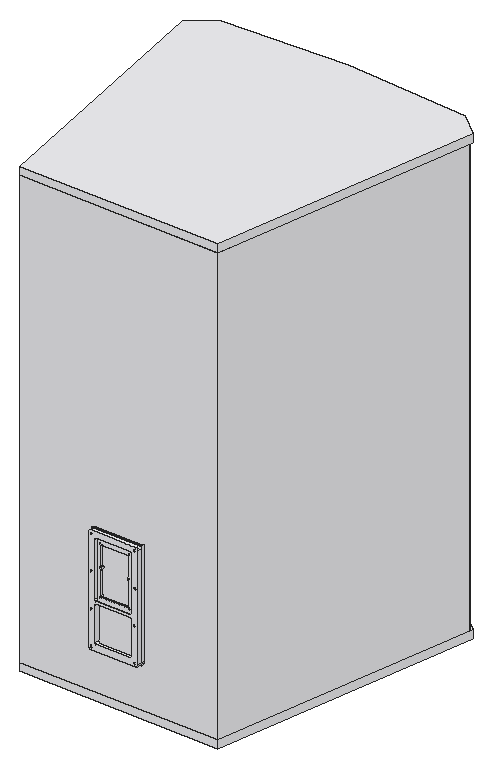
Revit family "EVC-1122-64", category Communication Devices, Revit 2017
Family settings
  Maintain Annotation Orientation = Yes
  Round Connector Dimension = Use Diameter
  Part Type = Normal
  OmniClass Number = 23.85.10.11.11.21
  OmniClass Title = Speakers
  Work Plane-Based = Yes
  Always vertical = Yes
  Cut with Voids When Loaded = No
  Shared = No
  Room Calculation Point = No
Parameters (values of type "EVC112264PIW_12"_Speaker_60x45_White")
  Uniclass2015Code = "Pr_60_75_08_02"
  URL = ""
  ProductInformation = "https://www.electrovoice.com/binary/EVC-1122-64_12__speaker_60x45_Datasheet_51_en_27960294155.pdf"
  PlanningTools = "https://www.electrovoice.com/product.php?id=2670"
  ModelNumber = "F.01U.329.284"
  Model = ""
  MaterialRALColour = "RAL9010"
  ManufacturerURL = "https://www.electrovoice.com"
  Manufacturer = "Electro Voice"
  LoudspeakerMaterial = 13-plyWeather-resistantBirchEVCoat -RAL9010
  Default Elevation = 0.00 mm
  Width = 395.10 mm  # constant formula
  InstallationManual = "https://www.electrovoice.com/binary/EVC-1122-64_12__speaker_60x45_Datasheet_51_en_27960294155.pdf"
  IfcExportType = "IfcBuildingElementProxyType"
  IfcExportAs = "IfcBuildingElementProxy"
  Length = 616.30 mm  # constant formula
  GrillMaterial = 16GA Powder-coatedGalvanneal - W
  Disclaimer = "http://resource.boschsecurity.com/information/BIM/Disclaimer_Electrovoice.pdf"
  Description = "12-inch, two-way loudspeaker, with 60˚ x 45˚ constant directivity, rotatable waveguide. Power rating: 300 W Continuous, (1200 Peak). Passive system: 95 dB, 126 dB maximum. Gland nut cover and stainless steel grille on PI versions. Optional high quality transformer and patented. Automatic Saturation Control (ASC) preserve low end in 70V/100V lines."
  Depth = 400.60 mm  # constant formula
  CTN = "EVC112264PIW"
  ArchitectsAndEngineersSpecs = "https://www.electrovoice.com/binary/EVC-1122-64_12__speaker_60x45_Datasheet_51_en_27960294155.pdf"
Reference planes
  plane 1 "Center (Front/Back)": y = 0
  plane 2: z = 0
  plane 3 "Center (Left/Right)": x = 0
Forms (mm)
  Extrusion 1, solid, material "13-plyWeather-resistantBirchEVCoat -RAL9010" <- "LoudspeakerMaterial"
    sketch origin (0.172, 9, 0) x (1, 0, 0) y (0, 1, 0)
      loop
        line (-197.722, 356.6) -> (-134.844, 0) -> (134.5, 0) -> (197.378, 356.6) -> (166.736, 382.312)
        arc (166.736, 382.312) -> (-0.172, 391.6) -> (-167.08, 382.312) r 1504.26
        line (-167.08, 382.312) -> (-197.722, 356.6)
    from 0 to 10
  Extrusion 2, solid, material "13-plyWeather-resistantBirchEVCoat -RAL9010" <- "LoudspeakerMaterial"
    sketch origin (0.172, 9, 0) x (1, 0, 0) y (0, 1, 0)
      loop
        line (-134.844, 0) -> (134.5, 0) -> (196.496, 351.6) -> (191.419, 351.6) -> (130.304, 5) -> (-130.648, 5) -> (-191.763, 351.6) -> (-196.84, 351.6) -> (-134.844, 0)
    from 10 to 606.3
  Extrusion 3, solid, material "16GA Powder-coatedGalvanneal - W" <- "GrillMaterial"
    sketch origin (0.172, 9, 0) x (1, 0, 0) y (0, 1, 0)
      loop
        line (-194.302, 351.6) -> (-191.763, 351.6) -> (-192.297, 354.625) -> (-165.025, 377.509)
        arc (-165.025, 377.509) -> (-0.172, 386.6) -> (164.681, 377.509) r 1499.26
        line (164.681, 377.509) -> (191.953, 354.625) -> (191.419, 351.6) -> (193.958, 351.6) -> (194.665, 355.613) -> (165.708, 379.911)
        arc (165.708, 379.911) -> (-0.172, 389.1) -> (-166.052, 379.911) r 1501.76
        line (-166.052, 379.911) -> (-195.009, 355.613) -> (-194.302, 351.6)
    from 5 to 611.3
  Extrusion 4, solid, material "13-plyWeather-resistantBirchEVCoat -RAL9010" <- "LoudspeakerMaterial"
    sketch origin (0.172, 9, 606.3) x (0, -1, 0) y (1, 0, 0)
      loop
        line (-356.6, -197.722) -> (0, -134.844) -> (0, 134.5) -> (-356.6, 197.378) -> (-382.312, 166.736)
        arc (-382.312, 166.736) -> (-391.6, -0.172) -> (-382.312, -167.08) r 1504.26
        line (-382.312, -167.08) -> (-356.6, -197.722)
    from 0 to 10
Dimensions and locks
  "Length": Extrusion 1 to Extrusion 4
  "Depth": plane 1 "Center (Front/Back)" to Extrusion 4
  equal spacing: Extrusion 4, plane 3 "Center (Left/Right)", Extrusion 4
  "Width": Extrusion 4 to Extrusion 4
  aligned and locked: plane 2 to level
Automatic sketch dimensions
  Extrusion 1 sketch curve to plane 3 "Center (Left/Right)" = 0.00 mm
  Extrusion 1 sketch curve to plane 1 "Center (Front/Back)" = 9.00 mm
  Extrusion 1 sketch curve to plane 3 "Center (Left/Right)" = 134.672 mm
  Extrusion 1 sketch curve to plane 3 "Center (Left/Right)" = 166.908 mm
  Extrusion 1 sketch curve to Extrusion 1 sketch curve = 30.642 mm  (x2)
  plane 3 "Center (Left/Right)" to Extrusion 1 sketch curve = 134.672 mm
  plane 3 "Center (Left/Right)" to Extrusion 1 sketch curve = 166.908 mm
  plane 1 "Center (Front/Back)" to Extrusion 1 sketch curve = 1103.66 mm
  Extrusion 1 sketch curve to Extrusion 1 sketch curve = 356.60 mm  (x2)
  Extrusion 1 sketch curve to Extrusion 1 sketch curve = 25.712 mm
  Extrusion 2 sketch curve to plane 3 "Center (Left/Right)" = 196.668 mm
  Extrusion 2 sketch curve to Extrusion 2 sketch curve = 5.077 mm  (x2)
  Extrusion 2 sketch curve to plane 1 "Center (Front/Back)" = 9.00 mm
  Extrusion 2 sketch curve to plane 3 "Center (Left/Right)" = 134.672 mm
  Extrusion 2 sketch curve to plane 1 "Center (Front/Back)" = 14.00 mm
  Extrusion 2 sketch curve to Extrusion 2 sketch curve = 4.195 mm  (x2)
  plane 3 "Center (Left/Right)" to Extrusion 2 sketch curve = 130.476 mm
  plane 3 "Center (Left/Right)" to Extrusion 2 sketch curve = 191.591 mm
  Extrusion 2 sketch curve to Extrusion 2 sketch curve = 346.60 mm  (x2)
  Extrusion 3 sketch curve to Extrusion 3 sketch curve = 0.00 mm  (x2)
  Extrusion 3 sketch curve to plane 3 "Center (Left/Right)" = 0.00 mm
  Extrusion 3 sketch curve to plane 3 "Center (Left/Right)" = 164.853 mm
  Extrusion 3 sketch curve to Extrusion 3 sketch curve = 1.027 mm  (x2)
  Extrusion 3 sketch curve to Extrusion 3 sketch curve = 26.738 mm  (x2)
  Extrusion 3 sketch curve to Extrusion 3 sketch curve = 0.533 mm  (x2)
  Extrusion 3 sketch curve to Extrusion 3 sketch curve = 2.539 mm  (x2)
  Extrusion 3 sketch curve to Extrusion 3 sketch curve = 2.713 mm  (x2)
  plane 3 "Center (Left/Right)" to Extrusion 3 sketch curve = 164.853 mm
  plane 1 "Center (Front/Back)" to Extrusion 3 sketch curve = 1103.66 mm
  Extrusion 3 sketch curve to plane 1 "Center (Front/Back)" = 360.60 mm  (x2)
  Extrusion 3 sketch curve to Extrusion 3 sketch curve = 3.025 mm  (x2)
  Extrusion 3 sketch curve to Extrusion 3 sketch curve = 0.987 mm  (x2)
  Extrusion 3 sketch curve to Extrusion 3 sketch curve = 22.884 mm
  Extrusion 3 sketch curve to Extrusion 3 sketch curve = 2.401 mm
  Extrusion 4 sketch curve to plane 3 "Center (Left/Right)" = 0.00 mm
  Extrusion 4 sketch curve to plane 1 "Center (Front/Back)" = 391.312 mm
  Extrusion 4 sketch curve to plane 3 "Center (Left/Right)" = 166.908 mm
  Extrusion 4 sketch curve to Extrusion 4 sketch curve = 0.00 mm
  Extrusion 4 sketch curve to Extrusion 4 sketch curve = 25.712 mm  (x2)
  Extrusion 4 sketch curve to plane 1 "Center (Front/Back)" = 9.00 mm
  plane 1 "Center (Front/Back)" to Extrusion 4 sketch curve = 1103.66 mm
  Extrusion 4 sketch curve to Extrusion 4 sketch curve = 30.642 mm  (x2)
  Extrusion 4 sketch curve to plane 3 "Center (Left/Right)" = 134.672 mm
  plane 3 "Center (Left/Right)" to Extrusion 4 sketch curve = 134.672 mm
Nested families
  nested 1: "2D_CabinetLoudspeaker" at (0, 0, 0) x (-1, 0, 0) z (0, 0, 1), type "LoudSpeaker"
    with Pan2D 0.00°
  nested 2: "InputPanel_small" at (-33.614, 10, 140) x (0, 0, -1) z (1, 0, 0), LoudspeakerMaterial <- "LoudspeakerMaterial", type "InputPanel_small"
    with LoudspeakerMaterial 13-plyWeather-resistantBirchEVCoat -RAL9010
  nested 3: "L-EV" at (0.172, 397.85, 95) x (-1, 0, 0) z (0, 0, 1), type "L-EV"
Connectors
  electrical at (-0.023, 5, 167.216)
    settings: on nested 2, index 1, voltage 0 V, apparent load 0 VA, apparent load phase1 0 VA, apparent load phase2 0 VA, apparent load phase3 0 VA, power factor 1, load classification "Other", number of poles 1, system type 31, power factor state 1, is connector primary yes, connector utility no, sub classification motor no, connector description ""
Definition of nested family "InputPanel_small"
  Parameters (values of type "InputPanel_small")
    Material = ""
    LoudspeakerMaterial [instance] = none
    Default Elevation = 1219.20 mm
  Reference planes
    plane 1 "Center (Front/Back)": y = 0
    plane 2: z = 0
    plane 3 "Center (Left/Right)": x = 0
  Forms (mm)
    Extrusion 1, solid, material <- "LoudspeakerMaterial", not visible
      sketch origin (-97.521, -0.5, 198.121) x (-1, 0, 0) y (0, 0, -1)
        loop
          arc (-169.642, 198.043) -> (-170.257, 197.789) -> (-170.511, 197.174) r 0.869
          line (-170.511, 197.174) -> (-170.511, 131.84)
          arc (-170.511, 131.84) -> (-170.257, 131.226) -> (-169.642, 130.971) r 0.869
          line (-169.642, 130.971) -> (-25.396, 130.971)
          arc (-25.396, 130.971) -> (-24.782, 131.226) -> (-24.527, 131.84) r 0.869
          line (-24.527, 131.84) -> (-24.527, 197.174)
          arc (-24.527, 197.174) -> (-24.782, 197.789) -> (-25.396, 198.043) r 0.869
          line (-25.396, 198.043) -> (-169.642, 198.043)
      from 0 to -0.5
    Extrusion 2, solid, material <- "LoudspeakerMaterial", detail levels medium+fine
      sketch origin (1.214, 0, 125.108) x (-1, 0, 0) y (0, 0, -1)
        loop
          line (70.917, 125.031) -> (-68.488, 125.031)
          arc (-68.488, 125.031) -> (-70.813, 124.068) -> (-71.776, 121.743) r 3.288
          line (-71.776, 121.743) -> (-71.776, 61.229)
          arc (-71.776, 61.229) -> (-70.921, 59.026) -> (-68.815, 57.959) r 3.288
          line (-68.815, 57.959) -> (70.925, 57.959)
          arc (70.925, 57.959) -> (73.25, 58.922) -> (74.212, 61.247) r 3.288
          line (74.212, 61.247) -> (74.205, 121.743)
          arc (74.205, 121.743) -> (73.242, 124.068) -> (70.917, 125.031) r 3.288
        loop
          line (-16.102, 116.673) -> (-61.46, 116.673)
          arc (-61.46, 116.673) -> (-63.304, 115.909) -> (-64.067, 114.066) r 2.607
          line (-64.067, 114.066) -> (-64.067, 69.267)
          arc (-64.067, 69.267) -> (-63.304, 67.424) -> (-61.46, 66.66) r 2.607
          line (-61.46, 66.66) -> (-16.102, 66.658)
          arc (-16.102, 66.658) -> (-14.259, 67.424) -> (-13.495, 69.267) r 2.607
          line (-13.495, 69.267) -> (-13.495, 114.066)
          arc (-13.495, 114.066) -> (-14.259, 115.909) -> (-16.102, 116.673) r 2.607
        loop
          line (64.151, 116.673) -> (-8.801, 116.673)
          arc (-8.801, 116.673) -> (-10.645, 115.909) -> (-11.408, 114.066) r 2.607
          line (-11.408, 114.066) -> (-11.408, 69.267)
          arc (-11.408, 69.267) -> (-10.645, 67.424) -> (-8.801, 66.66) r 2.607
          line (-8.801, 66.66) -> (64.151, 66.658)
          arc (64.151, 66.658) -> (65.994, 67.424) -> (66.758, 69.267) r 2.607
          line (66.758, 69.267) -> (66.758, 114.066)
          arc (66.758, 114.066) -> (65.994, 115.909) -> (64.151, 116.673) r 2.607
        loop
          circle (-67.83, 121.068) r 1.368
        loop
          circle (-21.853, 121.068) r 1.368
        loop
          circle (24.255, 121.068) r 1.368
        loop
          circle (69.993, 121.068) r 1.368
        loop
          circle (-67.961, 61.771) r 1.368
        loop
          circle (-21.984, 61.771) r 1.368
        loop
          circle (24.124, 61.771) r 1.368
        loop
          circle (69.862, 61.771) r 1.368
      from 0 to 10
    Extrusion 3, solid, material <- "LoudspeakerMaterial", detail levels fine
      sketch origin (25.655, 0, 118.331) x (-1, 0, 0) y (0, 0, -1)
        loop
          arc (15.45, 109.952) -> (13.605, 109.187) -> (12.84, 107.342) r 2.61
          line (12.84, 107.342) -> (12.84, 62.493)
          arc (12.84, 62.493) -> (13.606, 60.646) -> (15.45, 59.881) r 2.61
          line (15.45, 59.881) -> (88.485, 59.883)
          arc (88.485, 59.883) -> (90.33, 60.647) -> (91.094, 62.493) r 2.61
          line (91.094, 62.493) -> (91.094, 107.342)
          arc (91.094, 107.342) -> (90.33, 109.187) -> (88.485, 109.952) r 2.61
          line (88.485, 109.952) -> (15.45, 109.952)
        loop
          line (53.049, 104.094) -> (20.673, 104.09)
          arc (20.673, 104.09) -> (20.25, 103.216) -> (19.475, 102.633) r 2.061
          line (19.475, 102.633) -> (19.479, 66.839)
          arc (19.479, 66.839) -> (20.255, 66.255) -> (20.677, 65.382) r 2.061
          line (20.677, 65.382) -> (53.053, 65.386)
          arc (53.053, 65.386) -> (55.067, 67.012) -> (57.082, 65.386) r 2.061
          line (57.082, 65.386) -> (82.875, 65.389)
          arc (82.875, 65.389) -> (83.297, 66.263) -> (84.073, 66.847) r 2.061
          line (84.073, 66.847) -> (84.068, 102.641)
          arc (84.068, 102.641) -> (83.293, 103.224) -> (82.87, 104.098) r 2.061
          line (82.87, 104.098) -> (57.077, 104.095)
          arc (57.077, 104.095) -> (55.063, 102.469) -> (53.049, 104.094) r 2.061
        loop
          circle (55.063, 104.529) r 0.832
        loop
          circle (55.063, 64.893) r 0.832
        loop
          circle (84.767, 104.529) r 0.832
        loop
          circle (84.767, 64.893) r 0.832
        loop
          circle (18.835, 104.529) r 0.832
        loop
          circle (18.835, 64.893) r 0.832
      from 7.5 to 5
    Extrusion 4, solid, material <- "LoudspeakerMaterial"
      sketch origin (1.214, 0, 125.108) x (-1, 0, 0) y (0, 0, -1)
        loop
          line (-71.776, 125.031) -> (-71.776, 57.959) -> (74.213, 57.959) -> (74.205, 125.031) -> (-71.776, 125.031)
      from 0 to 4.337
  Lines and regions (mm)
    model lines, not visible
      curve 1: arc (59.415, -9.5, 70.232) -> (59.756, -9.5, 68.636) -> (60.858, -9.5, 67.432) r 3.109
      curve 2: arc (59.414, -9.5, 82.845) -> (59.754, -9.5, 81.249) -> (60.857, -9.5, 80.045) r 3.109
      curve 3: arc (59.417, -9.5, 63.926) -> (59.752, -9.5, 62.34) -> (60.84, -9.5, 61.139) r 3.108
      curve 4: arc (59.415, -9.5, 76.539) -> (59.75, -9.5, 74.953) -> (60.838, -9.5, 73.752) r 3.108
      curve 5: arc (60.711, -9.5, 72.945) -> (59.72, -9.5, 71.753) -> (59.414, -9.5, 70.232) r 3.166
      curve 6: arc (60.71, -9.5, 85.557) -> (59.718, -9.5, 84.365) -> (59.412, -9.5, 82.845) r 3.166
      curve 7: arc (60.712, -9.5, 66.637) -> (59.721, -9.5, 65.445) -> (59.415, -9.5, 63.926) r 3.165
      curve 8: arc (60.71, -9.5, 79.25) -> (59.72, -9.5, 78.058) -> (59.414, -9.5, 76.539) r 3.165
      curve 9: arc (59.062, -9.5, 76.539) -> (58.721, -9.5, 78.135) -> (57.618, -9.5, 79.339) r 3.109
      curve 10: arc (59.063, -9.5, 63.926) -> (58.723, -9.5, 65.522) -> (57.62, -9.5, 66.726) r 3.109
      curve 11: arc (59.06, -9.5, 82.845) -> (58.725, -9.5, 84.431) -> (57.637, -9.5, 85.632) r 3.108
      curve 12: arc (59.062, -9.5, 70.232) -> (58.726, -9.5, 71.818) -> (57.638, -9.5, 73.019) r 3.108
      curve 13: arc (57.765, -9.5, 73.826) -> (58.757, -9.5, 75.018) -> (59.063, -9.5, 76.539) r 3.166
      curve 14: arc (57.767, -9.5, 61.214) -> (58.758, -9.5, 62.406) -> (59.065, -9.5, 63.926) r 3.166
      curve 15: arc (57.765, -9.5, 80.134) -> (58.756, -9.5, 81.326) -> (59.062, -9.5, 82.845) r 3.165
      curve 16: arc (57.767, -9.5, 67.521) -> (58.757, -9.5, 68.713) -> (59.063, -9.5, 70.232) r 3.165
      curve 17: arc (62.678, -9.5, 67.687) -> (63.752, -9.5, 68.757) -> (64.103, -9.5, 70.233) r 2.775
      curve 18: arc (63.369, -9.5, 67.367) -> (64.444, -9.5, 68.62) -> (64.794, -9.5, 70.233) r 3.371
      curve 19: arc (62.678, -9.5, 67.687) -> (62.999, -9.5, 67.474) -> (63.369, -9.5, 67.367) r 1.273
      curve 20: arc (62.676, -9.5, 80.299) -> (63.75, -9.5, 81.37) -> (64.101, -9.5, 82.846) r 2.775
      curve 21: arc (63.368, -9.5, 79.98) -> (64.442, -9.5, 81.233) -> (64.793, -9.5, 82.846) r 3.371
      curve 22: arc (62.676, -9.5, 80.299) -> (62.998, -9.5, 80.087) -> (63.368, -9.5, 79.98) r 1.273
      curve 23: arc (62.679, -9.5, 61.381) -> (63.752, -9.5, 62.452) -> (64.103, -9.5, 63.927) r 2.774
      curve 24: arc (63.37, -9.5, 61.062) -> (64.444, -9.5, 62.315) -> (64.794, -9.5, 63.927) r 3.37
      curve 25: arc (62.679, -9.5, 61.381) -> (63, -9.5, 61.169) -> (63.37, -9.5, 61.062) r 1.273
      curve 26: arc (62.677, -9.5, 73.994) -> (63.751, -9.5, 75.064) -> (64.101, -9.5, 76.539) r 2.774
      curve 27: arc (63.369, -9.5, 73.675) -> (64.442, -9.5, 74.927) -> (64.793, -9.5, 76.539) r 3.37
      curve 28: arc (62.677, -9.5, 73.994) -> (62.998, -9.5, 73.781) -> (63.369, -9.5, 73.675) r 1.273
      curve 29: arc (64.103, -9.5, 70.233) -> (63.752, -9.5, 71.708) -> (62.677, -9.5, 72.779) r 2.775
      curve 30: arc (63.369, -9.5, 73.098) -> (62.999, -9.5, 72.992) -> (62.677, -9.5, 72.779) r 1.273
      curve 31: arc (64.794, -9.5, 70.233) -> (64.443, -9.5, 71.846) -> (63.369, -9.5, 73.098) r 3.371
      curve 32: arc (64.101, -9.5, 82.846) -> (63.75, -9.5, 84.321) -> (62.676, -9.5, 85.392) r 2.775
      curve 33: arc (63.367, -9.5, 85.711) -> (62.997, -9.5, 85.604) -> (62.676, -9.5, 85.392) r 1.273
      curve 34: arc (64.793, -9.5, 82.846) -> (64.442, -9.5, 84.458) -> (63.367, -9.5, 85.711) r 3.371
      curve 35: arc (64.103, -9.5, 63.927) -> (63.752, -9.5, 65.401) -> (62.678, -9.5, 66.472) r 2.774
      curve 36: arc (63.37, -9.5, 66.791) -> (62.999, -9.5, 66.684) -> (62.678, -9.5, 66.472) r 1.273
      curve 37: arc (64.794, -9.5, 63.927) -> (64.444, -9.5, 65.539) -> (63.37, -9.5, 66.791) r 3.37
      curve 38: arc (64.101, -9.5, 76.539) -> (63.75, -9.5, 78.014) -> (62.676, -9.5, 79.084) r 2.774
      curve 39: arc (63.368, -9.5, 79.404) -> (62.998, -9.5, 79.297) -> (62.676, -9.5, 79.084) r 1.273
      curve 40: arc (64.793, -9.5, 76.539) -> (64.442, -9.5, 78.151) -> (63.368, -9.5, 79.404) r 3.37
      curve 41: arc (59.627, -9.5, 63.926) -> (59.978, -9.5, 62.451) -> (61.052, -9.5, 61.381) r 2.774
      curve 42: arc (61.051, -9.5, 66.471) -> (59.977, -9.5, 65.401) -> (59.627, -9.5, 63.926) r 2.774
      curve 43: arc (59.625, -9.5, 70.232) -> (59.976, -9.5, 68.757) -> (61.051, -9.5, 67.686) r 2.775
      curve 44: arc (61.05, -9.5, 72.779) -> (59.976, -9.5, 71.708) -> (59.625, -9.5, 70.232) r 2.775
      curve 45: arc (59.625, -9.5, 76.539) -> (59.976, -9.5, 75.064) -> (61.05, -9.5, 73.994) r 2.774
      curve 46: arc (61.049, -9.5, 79.084) -> (59.976, -9.5, 78.014) -> (59.625, -9.5, 76.539) r 2.774
      curve 47: arc (59.624, -9.5, 82.845) -> (59.975, -9.5, 81.37) -> (61.049, -9.5, 80.299) r 2.775
      curve 48: arc (61.049, -9.5, 85.391) -> (59.975, -9.5, 84.321) -> (59.624, -9.5, 82.845) r 2.775
      curve 49: arc (65.487, -9.5, 67.368) -> (66.537, -9.5, 68.57) -> (66.91, -9.5, 70.123) r 3.348
      curve 50: arc (65.485, -9.5, 79.98) -> (66.535, -9.5, 81.183) -> (66.909, -9.5, 82.735) r 3.348
      curve 51: arc (66.91, -9.5, 70.344) -> (66.536, -9.5, 71.896) -> (65.486, -9.5, 73.099) r 3.348
      curve 52: arc (66.909, -9.5, 82.956) -> (66.535, -9.5, 84.509) -> (65.485, -9.5, 85.711) r 3.348
      curve 53: arc (65.488, -9.5, 61.062) -> (66.543, -9.5, 62.278) -> (66.911, -9.5, 63.846) r 3.353
      curve 54: arc (65.486, -9.5, 73.675) -> (66.542, -9.5, 74.891) -> (66.909, -9.5, 76.458) r 3.353
      curve 55: arc (66.911, -9.5, 64.008) -> (66.543, -9.5, 65.576) -> (65.487, -9.5, 66.791) r 3.353
      curve 56: arc (66.909, -9.5, 76.621) -> (66.542, -9.5, 78.189) -> (65.485, -9.5, 79.404) r 3.353
      curve 57: arc (61.368, -9.5, 70.233) -> (61.701, -9.5, 68.86) -> (62.728, -9.5, 67.892) r 2.482
      curve 58: arc (61.369, -9.5, 63.926) -> (61.702, -9.5, 62.554) -> (62.729, -9.5, 61.585) r 2.482
      curve 59: arc (61.777, -9.5, 65.419) -> (61.47, -9.5, 64.701) -> (61.369, -9.5, 63.926) r 2.857
      curve 60: arc (62.453, -9.5, 65.577) -> (62.398, -9.5, 65.499) -> (62.347, -9.5, 65.419) r 2.446
      curve 61: arc (61.777, -9.5, 71.725) -> (61.469, -9.5, 71.007) -> (61.368, -9.5, 70.233) r 2.857
      curve 62: arc (62.452, -9.5, 71.883) -> (62.398, -9.5, 71.805) -> (62.346, -9.5, 71.725) r 2.446
      curve 63: arc (61.367, -9.5, 76.539) -> (61.7, -9.5, 75.167) -> (62.727, -9.5, 74.198) r 2.482
      curve 64: arc (61.367, -9.5, 82.845) -> (61.699, -9.5, 81.473) -> (62.727, -9.5, 80.504) r 2.482
      curve 65: arc (61.776, -9.5, 78.031) -> (61.469, -9.5, 77.313) -> (61.367, -9.5, 76.539) r 2.857
      curve 66: arc (62.452, -9.5, 78.19) -> (62.397, -9.5, 78.112) -> (62.345, -9.5, 78.032) r 2.446
      curve 67: arc (61.775, -9.5, 84.338) -> (61.468, -9.5, 83.62) -> (61.367, -9.5, 82.845) r 2.857
      curve 68: arc (62.451, -9.5, 84.496) -> (62.396, -9.5, 84.418) -> (62.345, -9.5, 84.338) r 2.446
      curve 69: arc (55.799, -9.5, 79.084) -> (54.725, -9.5, 78.014) -> (54.374, -9.5, 76.538) r 2.775
      curve 70: arc (55.107, -9.5, 79.404) -> (54.033, -9.5, 78.151) -> (53.682, -9.5, 76.538) r 3.371
      curve 71: arc (55.799, -9.5, 79.084) -> (55.478, -9.5, 79.297) -> (55.107, -9.5, 79.404) r 1.273
      curve 72: arc (55.8, -9.5, 66.472) -> (54.726, -9.5, 65.401) -> (54.376, -9.5, 63.925) r 2.775
      curve 73: arc (55.109, -9.5, 66.791) -> (54.035, -9.5, 65.538) -> (53.684, -9.5, 63.925) r 3.371
      curve 74: arc (55.8, -9.5, 66.472) -> (55.479, -9.5, 66.684) -> (55.109, -9.5, 66.791) r 1.273
      curve 75: arc (55.798, -9.5, 85.39) -> (54.725, -9.5, 84.319) -> (54.374, -9.5, 82.844) r 2.774
      curve 76: arc (55.107, -9.5, 85.709) -> (54.033, -9.5, 84.456) -> (53.682, -9.5, 82.844) r 3.37
      curve 77: arc (55.798, -9.5, 85.39) -> (55.477, -9.5, 85.602) -> (55.107, -9.5, 85.709) r 1.273
      curve 78: arc (55.8, -9.5, 72.777) -> (54.726, -9.5, 71.707) -> (54.376, -9.5, 70.232) r 2.774
      curve 79: arc (55.108, -9.5, 73.096) -> (54.034, -9.5, 71.844) -> (53.684, -9.5, 70.232) r 3.37
      curve 80: arc (55.8, -9.5, 72.777) -> (55.478, -9.5, 72.99) -> (55.108, -9.5, 73.096) r 1.273
      curve 81: arc (54.374, -9.5, 76.538) -> (54.725, -9.5, 75.063) -> (55.8, -9.5, 73.992) r 2.775
      curve 82: arc (55.108, -9.5, 73.673) -> (55.478, -9.5, 73.779) -> (55.8, -9.5, 73.992) r 1.273
      curve 83: arc (53.682, -9.5, 76.538) -> (54.033, -9.5, 74.925) -> (55.108, -9.5, 73.673) r 3.371
      curve 84: arc (54.376, -9.5, 63.925) -> (54.727, -9.5, 62.45) -> (55.801, -9.5, 61.379) r 2.775
      curve 85: arc (55.11, -9.5, 61.06) -> (55.48, -9.5, 61.167) -> (55.801, -9.5, 61.379) r 1.273
      curve 86: arc (53.684, -9.5, 63.925) -> (54.035, -9.5, 62.313) -> (55.11, -9.5, 61.06) r 3.371
      curve 87: arc (54.374, -9.5, 82.844) -> (54.725, -9.5, 81.369) -> (55.799, -9.5, 80.299) r 2.774
      curve 88: arc (55.107, -9.5, 79.98) -> (55.477, -9.5, 80.087) -> (55.799, -9.5, 80.299) r 1.273
      curve 89: arc (53.682, -9.5, 82.844) -> (54.033, -9.5, 81.232) -> (55.107, -9.5, 79.98) r 3.37
      curve 90: arc (54.376, -9.5, 70.232) -> (54.726, -9.5, 68.757) -> (55.8, -9.5, 67.687) r 2.774
      curve 91: arc (55.109, -9.5, 67.367) -> (55.479, -9.5, 67.474) -> (55.8, -9.5, 67.687) r 1.273
      curve 92: arc (53.684, -9.5, 70.232) -> (54.035, -9.5, 68.62) -> (55.109, -9.5, 67.367) r 3.37
      curve 93: arc (58.85, -9.5, 82.845) -> (58.499, -9.5, 84.32) -> (57.425, -9.5, 85.39) r 2.774
      curve 94: arc (57.426, -9.5, 80.3) -> (58.499, -9.5, 81.37) -> (58.85, -9.5, 82.845) r 2.774
      curve 95: arc (58.851, -9.5, 76.539) -> (58.5, -9.5, 78.014) -> (57.426, -9.5, 79.085) r 2.775
      curve 96: arc (57.427, -9.5, 73.992) -> (58.501, -9.5, 75.063) -> (58.851, -9.5, 76.539) r 2.775
      curve 97: arc (58.852, -9.5, 70.232) -> (58.501, -9.5, 71.707) -> (57.427, -9.5, 72.777) r 2.774
      curve 98: arc (57.427, -9.5, 67.687) -> (58.501, -9.5, 68.757) -> (58.852, -9.5, 70.232) r 2.774
      curve 99: arc (58.853, -9.5, 63.926) -> (58.502, -9.5, 65.401) -> (57.428, -9.5, 66.472) r 2.775
      curve 100: arc (57.428, -9.5, 61.38) -> (58.502, -9.5, 62.45) -> (58.853, -9.5, 63.926) r 2.775
      curve 101: arc (52.99, -9.5, 79.403) -> (51.94, -9.5, 78.2) -> (51.567, -9.5, 76.648) r 3.348
      curve 102: arc (52.991, -9.5, 66.791) -> (51.942, -9.5, 65.588) -> (51.568, -9.5, 64.036) r 3.348
      curve 103: arc (51.567, -9.5, 76.427) -> (51.94, -9.5, 74.875) -> (52.991, -9.5, 73.672) r 3.348
      curve 104: arc (51.568, -9.5, 63.815) -> (51.942, -9.5, 62.262) -> (52.992, -9.5, 61.06) r 3.348
      curve 105: arc (52.989, -9.5, 85.709) -> (51.933, -9.5, 84.493) -> (51.566, -9.5, 82.925) r 3.353
      curve 106: arc (52.991, -9.5, 73.096) -> (51.935, -9.5, 71.88) -> (51.567, -9.5, 70.313) r 3.353
      curve 107: arc (51.566, -9.5, 82.763) -> (51.934, -9.5, 81.195) -> (52.99, -9.5, 79.98) r 3.353
      curve 108: arc (51.567, -9.5, 70.15) -> (51.935, -9.5, 68.582) -> (52.991, -9.5, 67.367) r 3.353
      curve 109: arc (57.108, -9.5, 82.845) -> (56.775, -9.5, 84.217) -> (55.748, -9.5, 85.186) r 2.482
      curve 110: arc (57.109, -9.5, 76.538) -> (56.776, -9.5, 77.911) -> (55.749, -9.5, 78.879) r 2.482
      curve 111: arc (56.7, -9.5, 75.046) -> (57.007, -9.5, 75.764) -> (57.109, -9.5, 76.538) r 2.857
      curve 112: arc (56.024, -9.5, 74.888) -> (56.079, -9.5, 74.966) -> (56.131, -9.5, 75.046) r 2.446
      curve 113: arc (56.699, -9.5, 81.352) -> (57.007, -9.5, 82.07) -> (57.108, -9.5, 82.845) r 2.857
      curve 114: arc (56.024, -9.5, 81.194) -> (56.078, -9.5, 81.272) -> (56.13, -9.5, 81.352) r 2.446
      curve 115: arc (57.109, -9.5, 70.232) -> (56.777, -9.5, 71.604) -> (55.749, -9.5, 72.573) r 2.482
      curve 116: arc (57.11, -9.5, 63.926) -> (56.777, -9.5, 65.298) -> (55.75, -9.5, 66.267) r 2.482
      curve 117: arc (56.702, -9.5, 62.433) -> (57.009, -9.5, 63.151) -> (57.11, -9.5, 63.926) r 2.857
      curve 118: arc (56.026, -9.5, 62.275) -> (56.081, -9.5, 62.353) -> (56.132, -9.5, 62.433) r 2.446
      curve 119: arc (56.701, -9.5, 68.739) -> (57.008, -9.5, 69.458) -> (57.109, -9.5, 70.232) r 2.857
      curve 120: arc (56.025, -9.5, 68.581) -> (56.08, -9.5, 68.659) -> (56.131, -9.5, 68.739) r 2.446
      curve 121: spline (77.962, -9.5, 59.963) -> (78.093, -9.5, 59.972) -> (78.223, -9.5, 59.998) -> (78.348, -9.5, 60.04) -> (78.466, -9.5, 60.099) -> (78.576, -9.5, 60.172) -> (78.675, -9.5, 60.259) -> (78.762, -9.5, 60.358) -> (78.835, -9.5, 60.468) -> (78.894, -9.5, 60.586) -> (78.936, -9.5, 60.711) -> (78.962, -9.5, 60.841) -> (78.97, -9.5, 60.972)
      curve 122: spline (78.967, -9.5, 85.803) -> (78.959, -9.5, 85.935) -> (78.933, -9.5, 86.065) -> (78.891, -9.5, 86.19) -> (78.832, -9.5, 86.308) -> (78.759, -9.5, 86.418) -> (78.672, -9.5, 86.517) -> (78.573, -9.5, 86.604) -> (78.463, -9.5, 86.677) -> (78.344, -9.5, 86.735) -> (78.22, -9.5, 86.778) -> (78.09, -9.5, 86.804) -> (77.958, -9.5, 86.812)
      curve 123: spline (40.515, -9.5, 86.808) -> (40.383, -9.5, 86.799) -> (40.254, -9.5, 86.773) -> (40.129, -9.5, 86.731) -> (40.01, -9.5, 86.672) -> (39.901, -9.5, 86.599) -> (39.801, -9.5, 86.512) -> (39.714, -9.5, 86.413) -> (39.641, -9.5, 86.303) -> (39.583, -9.5, 86.185) -> (39.54, -9.5, 86.06) -> (39.515, -9.5, 85.93) -> (39.506, -9.5, 85.799)
      curve 124: spline (39.509, -9.5, 60.97) -> (39.517, -9.5, 60.838) -> (39.543, -9.5, 60.708) -> (39.585, -9.5, 60.583) -> (39.643, -9.5, 60.464) -> (39.717, -9.5, 60.354) -> (39.804, -9.5, 60.255) -> (39.903, -9.5, 60.168) -> (40.013, -9.5, 60.094) -> (40.131, -9.5, 60.036) -> (40.256, -9.5, 59.993) -> (40.386, -9.5, 59.967) -> (40.518, -9.5, 59.959)
      curve 125: spline (40.57, -9.5, 86.753) -> (40.438, -9.5, 86.744) -> (40.309, -9.5, 86.718) -> (40.184, -9.5, 86.676) -> (40.065, -9.5, 86.617) -> (39.956, -9.5, 86.544) -> (39.856, -9.5, 86.457) -> (39.769, -9.5, 86.358) -> (39.696, -9.5, 86.248) -> (39.638, -9.5, 86.13) -> (39.595, -9.5, 86.005) -> (39.57, -9.5, 85.875) -> (39.561, -9.5, 85.744)
      curve 126: spline (39.564, -9.5, 61.023) -> (39.573, -9.5, 60.891) -> (39.598, -9.5, 60.761) -> (39.641, -9.5, 60.636) -> (39.699, -9.5, 60.518) -> (39.773, -9.5, 60.408) -> (39.86, -9.5, 60.309) -> (39.959, -9.5, 60.222) -> (40.069, -9.5, 60.149) -> (40.187, -9.5, 60.091) -> (40.312, -9.5, 60.048) -> (40.441, -9.5, 60.022) -> (40.573, -9.5, 60.014)
      curve 127: spline (78.912, -9.5, 85.748) -> (78.904, -9.5, 85.88) -> (78.878, -9.5, 86.01) -> (78.835, -9.5, 86.134) -> (78.777, -9.5, 86.253) -> (78.704, -9.5, 86.363) -> (78.617, -9.5, 86.462) -> (78.518, -9.5, 86.549) -> (78.408, -9.5, 86.622) -> (78.289, -9.5, 86.68) -> (78.164, -9.5, 86.723) -> (78.035, -9.5, 86.749) -> (77.903, -9.5, 86.757)
      curve 128: spline (77.907, -9.5, 60.018) -> (78.038, -9.5, 60.027) -> (78.168, -9.5, 60.053) -> (78.293, -9.5, 60.095) -> (78.411, -9.5, 60.154) -> (78.521, -9.5, 60.227) -> (78.62, -9.5, 60.314) -> (78.707, -9.5, 60.413) -> (78.78, -9.5, 60.523) -> (78.839, -9.5, 60.641) -> (78.881, -9.5, 60.766) -> (78.907, -9.5, 60.896) -> (78.915, -9.5, 61.027)
      curve 129: line (63.979, -9.5, 70.233) -> (63.818, -9.5, 71.221)
      curve 130: line (63.818, -9.5, 71.221) -> (63.359, -9.5, 72.059)
      curve 131: line (63.359, -9.5, 72.059) -> (62.673, -9.5, 72.618)
      curve 132: line (62.673, -9.5, 72.618) -> (61.864, -9.5, 72.815)
      curve 133: line (61.864, -9.5, 72.815) -> (61.054, -9.5, 72.618)
      curve 134: line (61.054, -9.5, 72.618) -> (60.368, -9.5, 72.058)
      curve 135: line (60.368, -9.5, 72.058) -> (59.91, -9.5, 71.221)
      curve 136: line (59.91, -9.5, 71.221) -> (59.749, -9.5, 70.232)
      curve 137: line (59.749, -9.5, 70.232) -> (59.91, -9.5, 69.244)
      curve 138: line (59.91, -9.5, 69.244) -> (60.369, -9.5, 68.407)
      curve 139: line (60.369, -9.5, 68.407) -> (61.055, -9.5, 67.847)
      curve 140: line (61.055, -9.5, 67.847) -> (61.864, -9.5, 67.651)
      curve 141: line (61.864, -9.5, 67.651) -> (62.674, -9.5, 67.847)
      curve 142: line (62.674, -9.5, 67.847) -> (63.36, -9.5, 68.407)
      curve 143: line (63.36, -9.5, 68.407) -> (63.815, -9.5, 69.238)
      curve 144: line (63.818, -9.5, 69.245) -> (64.103, -9.5, 70.233)
      curve 145: line (64.103, -9.5, 70.233) -> (64.794, -9.5, 70.233)
      curve 146: line (64.794, -9.5, 70.233) -> (66.912, -9.5, 70.233)
      curve 147: line (66.912, -9.5, 70.233) -> (66.911, -9.5, 64.008)
      curve 148: line (63.978, -9.5, 82.846) -> (63.817, -9.5, 83.834)
      curve 149: line (63.817, -9.5, 83.834) -> (63.358, -9.5, 84.671)
      curve 150: line (63.358, -9.5, 84.671) -> (62.672, -9.5, 85.231)
      curve 151: line (62.672, -9.5, 85.231) -> (61.862, -9.5, 85.427)
      curve 152: line (61.862, -9.5, 85.427) -> (61.053, -9.5, 85.231)
      curve 153: line (61.053, -9.5, 85.231) -> (60.367, -9.5, 84.671)
      curve 154: line (60.367, -9.5, 84.671) -> (59.908, -9.5, 83.833)
      curve 155: line (59.908, -9.5, 83.833) -> (59.747, -9.5, 82.845)
      curve 156: line (59.747, -9.5, 82.845) -> (59.908, -9.5, 81.857)
      curve 157: line (59.908, -9.5, 81.857) -> (60.367, -9.5, 81.019)
      curve 158: line (60.367, -9.5, 81.019) -> (61.053, -9.5, 80.46)
      curve 159: line (61.053, -9.5, 80.46) -> (61.863, -9.5, 80.263)
      curve 160: line (61.863, -9.5, 80.263) -> (62.672, -9.5, 80.46)
      curve 161: line (62.672, -9.5, 80.46) -> (63.358, -9.5, 81.02)
      curve 162: line (63.358, -9.5, 81.02) -> (63.813, -9.5, 81.851)
      curve 163: line (63.817, -9.5, 81.857) -> (64.101, -9.5, 82.846)
      curve 164: line (64.101, -9.5, 82.846) -> (64.793, -9.5, 82.846)
      curve 165: line (64.793, -9.5, 82.846) -> (66.91, -9.5, 82.846)
      curve 166: line (66.91, -9.5, 82.846) -> (66.909, -9.5, 76.621)
      curve 167: line (63.98, -9.5, 63.927) -> (63.819, -9.5, 64.915)
      curve 168: line (63.819, -9.5, 64.915) -> (63.36, -9.5, 65.752)
      curve 169: line (63.36, -9.5, 65.752) -> (62.674, -9.5, 66.312)
      curve 170: line (62.674, -9.5, 66.312) -> (61.864, -9.5, 66.508)
      curve 171: line (61.864, -9.5, 66.508) -> (61.055, -9.5, 66.312)
      curve 172: line (61.055, -9.5, 66.312) -> (60.369, -9.5, 65.752)
      curve 173: line (60.369, -9.5, 65.752) -> (59.911, -9.5, 64.914)
      curve 174: line (59.911, -9.5, 64.914) -> (59.75, -9.5, 63.926)
      curve 175: line (59.75, -9.5, 63.926) -> (59.911, -9.5, 62.938)
      curve 176: line (59.911, -9.5, 62.938) -> (60.369, -9.5, 62.1)
      curve 177: line (60.369, -9.5, 62.1) -> (61.056, -9.5, 61.541)
      curve 178: line (61.056, -9.5, 61.541) -> (61.865, -9.5, 61.344)
      curve 179: line (61.865, -9.5, 61.344) -> (62.675, -9.5, 61.541)
      curve 180: line (62.675, -9.5, 61.541) -> (63.361, -9.5, 62.101)
      curve 181: line (63.361, -9.5, 62.101) -> (63.815, -9.5, 62.932)
      curve 182: line (63.819, -9.5, 62.938) -> (64.103, -9.5, 63.927)
      curve 183: line (64.103, -9.5, 63.927) -> (64.794, -9.5, 63.927)
      curve 184: line (64.794, -9.5, 63.927) -> (66.912, -9.5, 63.927)
      curve 185: line (66.912, -9.5, 63.927) -> (66.911, -9.5, 60.774)
      curve 186: line (66.911, -9.5, 60.774) -> (65.488, -9.5, 60.774)
      curve 187: line (65.488, -9.5, 60.774) -> (68.6, -9.5, 60.646)
      curve 188: line (68.6, -9.5, 60.646) -> (68.722, -9.5, 60.469)
      curve 189: line (68.722, -9.5, 60.469) -> (65.589, -9.5, 60.469)
      curve 190: line (65.589, -9.5, 60.469) -> (65.467, -9.5, 60.646)
      curve 191: line (63.978, -9.5, 76.539) -> (63.817, -9.5, 77.527)
      curve 192: line (63.817, -9.5, 77.527) -> (63.359, -9.5, 78.365)
      curve 193: line (63.359, -9.5, 78.365) -> (62.672, -9.5, 78.925)
      curve 194: line (62.672, -9.5, 78.925) -> (61.863, -9.5, 79.121)
      curve 195: line (61.863, -9.5, 79.121) -> (61.054, -9.5, 78.924)
      curve 196: line (61.054, -9.5, 78.924) -> (60.367, -9.5, 78.365)
      curve 197: line (60.367, -9.5, 78.365) -> (59.909, -9.5, 77.527)
      curve 198: line (59.909, -9.5, 77.527) -> (59.748, -9.5, 76.539)
      curve 199: line (59.748, -9.5, 76.539) -> (59.909, -9.5, 75.551)
      curve 200: line (59.909, -9.5, 75.551) -> (60.368, -9.5, 74.713)
      curve 201: line (60.368, -9.5, 74.713) -> (61.054, -9.5, 74.153)
      curve 202: line (61.054, -9.5, 74.153) -> (61.864, -9.5, 73.957)
      curve 203: line (61.864, -9.5, 73.957) -> (62.673, -9.5, 74.153)
      curve 204: line (62.673, -9.5, 74.153) -> (63.359, -9.5, 74.713)
      curve 205: line (63.359, -9.5, 74.713) -> (63.814, -9.5, 75.544)
      curve 206: line (63.818, -9.5, 75.551) -> (64.101, -9.5, 76.539)
      curve 207: line (64.101, -9.5, 76.539) -> (64.793, -9.5, 76.539)
      curve 208: line (64.793, -9.5, 76.539) -> (66.91, -9.5, 76.54)
      curve 209: line (66.91, -9.5, 76.54) -> (66.91, -9.5, 70.344)
      curve 210: line (61.049, -9.5, 85.998) -> (60.837, -9.5, 85.998)
      curve 211: line (60.837, -9.5, 85.998) -> (60.837, -9.5, 85.655)
      curve 212: line (60.916, -9.5, 85.517) -> (61.049, -9.5, 85.391)
      curve 213: line (61.049, -9.5, 85.391) -> (61.049, -9.5, 85.998)
      curve 214: line (61.049, -9.5, 85.998) -> (62.676, -9.5, 85.999)
      curve 215: line (62.676, -9.5, 85.999) -> (62.676, -9.5, 85.392)
      curve 216: line (62.676, -9.5, 79.084) -> (62.676, -9.5, 80.299)
      curve 217: line (62.677, -9.5, 72.779) -> (62.677, -9.5, 73.994)
      curve 218: line (62.678, -9.5, 66.472) -> (62.678, -9.5, 67.687)
      curve 219: line (61.052, -9.5, 60.773) -> (60.84, -9.5, 60.773)
      curve 220: line (60.84, -9.5, 60.773) -> (60.84, -9.5, 61.139)
      curve 221: line (60.918, -9.5, 61.255) -> (61.052, -9.5, 61.381)
      curve 222: line (61.052, -9.5, 61.381) -> (61.052, -9.5, 60.773)
      curve 223: line (61.052, -9.5, 60.773) -> (62.679, -9.5, 60.773)
      curve 224: line (62.679, -9.5, 60.773) -> (62.679, -9.5, 61.381)
      curve 225: line (60.839, -9.5, 66.735) -> (60.842, -9.5, 67.413)
      curve 226: line (60.918, -9.5, 67.56) -> (61.051, -9.5, 67.686)
      curve 227: line (61.051, -9.5, 67.686) -> (61.051, -9.5, 66.471)
      curve 228: line (61.051, -9.5, 66.471) -> (60.918, -9.5, 66.598)
      curve 229: line (61.05, -9.5, 72.779) -> (61.05, -9.5, 73.994)
      curve 230: line (61.05, -9.5, 73.994) -> (60.917, -9.5, 73.867)
      curve 231: line (60.838, -9.5, 73.752) -> (60.838, -9.5, 73.043)
      curve 232: line (60.917, -9.5, 72.905) -> (61.05, -9.5, 72.779)
      curve 233: line (60.838, -9.5, 79.348) -> (60.841, -9.5, 80.026)
      curve 234: line (60.916, -9.5, 80.173) -> (61.049, -9.5, 80.299)
      curve 235: line (61.049, -9.5, 80.299) -> (61.049, -9.5, 79.084)
      curve 236: line (61.049, -9.5, 79.084) -> (60.916, -9.5, 79.21)
      curve 237: line (65.486, -9.5, 73.675) -> (63.369, -9.5, 73.675)
      curve 238: line (63.369, -9.5, 73.675) -> (63.369, -9.5, 73.098)
      curve 239: line (63.369, -9.5, 73.098) -> (65.486, -9.5, 73.099)
      curve 240: line (65.486, -9.5, 73.099) -> (65.486, -9.5, 73.675)
      curve 241: line (65.487, -9.5, 67.368) -> (65.487, -9.5, 66.791)
      curve 242: line (65.487, -9.5, 66.791) -> (63.37, -9.5, 66.791)
      curve 243: line (63.37, -9.5, 66.791) -> (63.369, -9.5, 67.367)
      curve 244: line (63.369, -9.5, 67.367) -> (65.487, -9.5, 67.368)
      curve 245: line (65.485, -9.5, 79.98) -> (65.485, -9.5, 79.404)
      curve 246: line (65.485, -9.5, 79.404) -> (63.368, -9.5, 79.404)
      curve 247: line (63.368, -9.5, 79.404) -> (63.368, -9.5, 79.98)
      curve 248: line (63.368, -9.5, 79.98) -> (65.485, -9.5, 79.98)
      curve 249: line (63.37, -9.5, 60.773) -> (65.488, -9.5, 60.774)
      curve 250: line (65.488, -9.5, 60.774) -> (65.488, -9.5, 61.062)
      curve 251: line (65.488, -9.5, 61.062) -> (63.37, -9.5, 61.062)
      curve 252: line (63.37, -9.5, 61.062) -> (63.37, -9.5, 60.773)
      curve 253: line (63.37, -9.5, 60.773) -> (62.679, -9.5, 60.773)
      curve 254: line (62.676, -9.5, 85.999) -> (63.367, -9.5, 85.999)
      curve 255: line (63.367, -9.5, 85.999) -> (63.367, -9.5, 85.711)
      curve 256: line (63.367, -9.5, 85.711) -> (65.485, -9.5, 85.711)
      curve 257: line (65.485, -9.5, 85.711) -> (65.485, -9.5, 85.999)
      curve 258: line (65.485, -9.5, 85.999) -> (63.367, -9.5, 85.999)
      curve 259: line (63.973, -9.5, 63.722) -> (62.18, -9.5, 65.91)
      curve 260: line (62.18, -9.5, 65.91) -> (62.671, -9.5, 66.243)
      curve 261: line (63.973, -9.5, 70.028) -> (62.179, -9.5, 72.217)
      curve 262: line (62.179, -9.5, 72.217) -> (62.67, -9.5, 72.549)
      curve 263: line (63.946, -9.5, 63.467) -> (62.347, -9.5, 65.419)
      curve 264: line (62.347, -9.5, 65.419) -> (61.777, -9.5, 65.419)
      curve 265: line (61.777, -9.5, 65.419) -> (63.815, -9.5, 62.932)
      curve 266: line (63.945, -9.5, 69.773) -> (62.346, -9.5, 71.725)
      curve 267: line (62.346, -9.5, 71.725) -> (61.777, -9.5, 71.725)
      curve 268: line (61.777, -9.5, 71.725) -> (63.815, -9.5, 69.238)
      curve 269: line (63.945, -9.5, 76.08) -> (62.345, -9.5, 78.032)
      curve 270: line (62.345, -9.5, 78.032) -> (61.776, -9.5, 78.031)
      curve 271: line (61.776, -9.5, 78.031) -> (63.814, -9.5, 75.544)
      curve 272: line (63.972, -9.5, 76.334) -> (62.178, -9.5, 78.523)
      curve 273: line (62.178, -9.5, 78.523) -> (62.669, -9.5, 78.856)
      curve 274: line (63.971, -9.5, 82.641) -> (62.178, -9.5, 84.829)
      curve 275: line (62.178, -9.5, 84.829) -> (62.669, -9.5, 85.162)
      curve 276: line (63.944, -9.5, 82.386) -> (62.345, -9.5, 84.338)
      curve 277: line (62.345, -9.5, 84.338) -> (61.775, -9.5, 84.338)
      curve 278: line (61.775, -9.5, 84.338) -> (63.813, -9.5, 81.851)
      curve 279: line (66.909, -9.5, 82.956) -> (66.908, -9.5, 85.999)
      curve 280: line (66.908, -9.5, 85.999) -> (72.332, -9.5, 86)
      curve 281: line (72.332, -9.5, 86) -> (72.335, -9.5, 60.774)
      curve 282: line (72.335, -9.5, 60.774) -> (66.911, -9.5, 60.774)
      curve 283: line (65.485, -9.5, 85.999) -> (66.908, -9.5, 85.999)
      curve 284: line (72.332, -9.5, 86) -> (72.658, -9.5, 86)
      curve 285: line (72.658, -9.5, 86) -> (72.661, -9.5, 60.775)
      curve 286: line (72.661, -9.5, 60.775) -> (72.335, -9.5, 60.774)
      curve 287: line (72.335, -9.5, 60.774) -> (72.464, -9.5, 60.647)
      curve 288: line (72.464, -9.5, 60.647) -> (72.586, -9.5, 60.47)
      curve 289: line (73.116, -9.5, 67.379) -> (73.115, -9.5, 72.891)
      curve 290: line (73.115, -9.5, 72.891) -> (77.33, -9.5, 72.891)
      curve 291: line (77.33, -9.5, 72.891) -> (77.331, -9.5, 67.379)
      curve 292: line (77.331, -9.5, 67.379) -> (73.116, -9.5, 67.379)
      curve 293: line (77.331, -9.5, 66.783) -> (77.332, -9.5, 61.272)
      curve 294: line (77.332, -9.5, 61.272) -> (73.116, -9.5, 61.271)
      curve 295: line (73.116, -9.5, 61.271) -> (73.116, -9.5, 66.783)
      curve 296: line (73.116, -9.5, 66.783) -> (77.331, -9.5, 66.783)
      curve 297: line (72.661, -9.5, 60.775) -> (77.787, -9.5, 60.775)
      curve 298: line (77.787, -9.5, 60.775) -> (77.784, -9.5, 86)
      curve 299: line (77.784, -9.5, 86) -> (72.658, -9.5, 86)
      curve 300: line (73.114, -9.5, 79.991) -> (73.113, -9.5, 85.503)
      curve 301: line (73.113, -9.5, 85.503) -> (77.329, -9.5, 85.504)
      curve 302: line (77.329, -9.5, 85.504) -> (77.329, -9.5, 79.992)
      curve 303: line (77.329, -9.5, 79.992) -> (73.114, -9.5, 79.991)
      curve 304: line (77.329, -9.5, 79.396) -> (77.33, -9.5, 73.884)
      curve 305: line (77.33, -9.5, 73.884) -> (73.115, -9.5, 73.884)
      curve 306: line (73.115, -9.5, 73.884) -> (73.114, -9.5, 79.396)
      curve 307: line (73.114, -9.5, 79.396) -> (77.329, -9.5, 79.396)
      curve 308: line (73.114, -9.5, 81.158) -> (74.522, -9.5, 81.159)
      curve 309: line (74.522, -9.5, 81.159) -> (74.848, -9.5, 80.47)
      curve 310: line (74.848, -9.5, 80.47) -> (75.233, -9.5, 79.992)
      curve 311: line (73.116, -9.5, 68.546) -> (74.524, -9.5, 68.546)
      curve 312: line (74.524, -9.5, 68.546) -> (74.849, -9.5, 67.858)
      curve 313: line (74.849, -9.5, 67.858) -> (75.235, -9.5, 67.379)
      curve 314: line (73.114, -9.5, 78.229) -> (74.523, -9.5, 78.229)
      curve 315: line (74.523, -9.5, 78.229) -> (74.848, -9.5, 78.917)
      curve 316: line (74.848, -9.5, 78.917) -> (75.233, -9.5, 79.396)
      curve 317: line (73.116, -9.5, 65.616) -> (74.524, -9.5, 65.616)
      curve 318: line (74.524, -9.5, 65.616) -> (74.85, -9.5, 66.304)
      curve 319: line (74.85, -9.5, 66.304) -> (75.235, -9.5, 66.783)
      curve 320: line (73.116, -9.5, 62.239) -> (74.525, -9.5, 62.24)
      curve 321: line (74.525, -9.5, 62.24) -> (74.85, -9.5, 61.552)
      curve 322: line (74.85, -9.5, 61.552) -> (75.076, -9.5, 61.271)
      curve 323: line (73.115, -9.5, 74.852) -> (74.523, -9.5, 74.852)
      curve 324: line (74.523, -9.5, 74.852) -> (74.849, -9.5, 74.164)
      curve 325: line (74.849, -9.5, 74.164) -> (75.074, -9.5, 73.884)
      curve 326: line (73.115, -9.5, 71.922) -> (74.524, -9.5, 71.923)
      curve 327: line (74.524, -9.5, 71.923) -> (74.849, -9.5, 72.611)
      curve 328: line (75.074, -9.5, 72.891) -> (74.849, -9.5, 72.611)
      curve 329: line (74.849, -9.5, 72.611) -> (74.849, -9.5, 67.858)
      curve 330: line (73.114, -9.5, 84.535) -> (74.522, -9.5, 84.535)
      curve 331: line (74.522, -9.5, 84.535) -> (74.847, -9.5, 85.223)
      curve 332: line (74.847, -9.5, 85.223) -> (74.848, -9.5, 80.47)
      curve 333: line (75.073, -9.5, 85.503) -> (74.847, -9.5, 85.223)
      curve 334: line (74.524, -9.5, 65.616) -> (74.525, -9.5, 62.24)
      curve 335: line (74.523, -9.5, 78.229) -> (74.523, -9.5, 74.852)
      curve 336: line (74.524, -9.5, 68.546) -> (74.524, -9.5, 71.923)
      curve 337: line (74.522, -9.5, 81.159) -> (74.522, -9.5, 84.535)
      curve 338: line (72.586, -9.5, 60.208) -> (75.719, -9.5, 60.209)
      curve 339: line (75.719, -9.5, 60.209) -> (75.719, -9.5, 60.47)
      curve 340: line (75.719, -9.5, 60.47) -> (72.586, -9.5, 60.47)
      curve 341: line (72.586, -9.5, 60.47) -> (72.586, -9.5, 60.208)
      curve 342: line (72.586, -9.5, 60.208) -> (72.005, -9.5, 60.208)
      curve 343: line (72.005, -9.5, 60.208) -> (72.005, -9.5, 60.47)
      curve 344: line (72.005, -9.5, 60.47) -> (72.127, -9.5, 60.774)
      curve 345: line (72.464, -9.5, 60.647) -> (75.597, -9.5, 60.647)
      curve 346: line (75.597, -9.5, 60.647) -> (75.719, -9.5, 60.47)
      curve 347: line (76.233, -9.5, 66.783) -> (76.233, -9.5, 61.272)
      curve 348: line (76.231, -9.5, 79.396) -> (76.232, -9.5, 73.884)
      curve 349: line (76.232, -9.5, 72.891) -> (76.233, -9.5, 67.379)
      curve 350: line (76.23, -9.5, 85.504) -> (76.231, -9.5, 79.992)
      curve 351: line (74.85, -9.5, 66.304) -> (74.85, -9.5, 61.552)
      curve 352: line (74.848, -9.5, 78.917) -> (74.849, -9.5, 74.164)
      curve 353: line (65.589, -9.5, 60.469) -> (65.589, -9.5, 60.208)
      curve 354: line (65.589, -9.5, 60.208) -> (65.009, -9.5, 60.207)
      curve 355: line (65.009, -9.5, 60.207) -> (65.009, -9.5, 60.469)
      curve 356: line (65.009, -9.5, 60.469) -> (65.131, -9.5, 60.646)
      curve 357: line (65.589, -9.5, 60.208) -> (68.722, -9.5, 60.208)
      curve 358: line (68.722, -9.5, 60.208) -> (68.722, -9.5, 60.469)
      curve 359: line (54.498, -9.5, 76.538) -> (54.659, -9.5, 75.55)
      curve 360: line (54.659, -9.5, 75.55) -> (55.117, -9.5, 74.712)
      curve 361: line (55.117, -9.5, 74.712) -> (55.804, -9.5, 74.153)
      curve 362: line (55.804, -9.5, 74.153) -> (56.613, -9.5, 73.956)
      curve 363: line (56.613, -9.5, 73.956) -> (57.422, -9.5, 74.153)
      curve 364: line (57.422, -9.5, 74.153) -> (58.109, -9.5, 74.713)
      curve 365: line (58.109, -9.5, 74.713) -> (58.567, -9.5, 75.55)
      curve 366: line (58.567, -9.5, 75.55) -> (58.728, -9.5, 76.539)
      curve 367: line (58.728, -9.5, 76.539) -> (58.567, -9.5, 77.527)
      curve 368: line (58.567, -9.5, 77.527) -> (58.108, -9.5, 78.364)
      curve 369: line (58.108, -9.5, 78.364) -> (57.422, -9.5, 78.924)
      curve 370: line (57.422, -9.5, 78.924) -> (56.612, -9.5, 79.12)
      curve 371: line (56.612, -9.5, 79.12) -> (55.803, -9.5, 78.924)
      curve 372: line (55.803, -9.5, 78.924) -> (55.117, -9.5, 78.364)
      curve 373: line (55.117, -9.5, 78.364) -> (54.662, -9.5, 77.533)
      curve 374: line (54.659, -9.5, 77.526) -> (54.374, -9.5, 76.538)
      curve 375: line (54.374, -9.5, 76.538) -> (53.682, -9.5, 76.538)
      curve 376: line (53.682, -9.5, 76.538) -> (51.565, -9.5, 76.538)
      curve 377: line (51.565, -9.5, 76.538) -> (51.566, -9.5, 82.763)
      curve 378: line (54.499, -9.5, 63.925) -> (54.66, -9.5, 62.937)
      curve 379: line (54.66, -9.5, 62.937) -> (55.119, -9.5, 62.1)
      curve 380: line (55.119, -9.5, 62.1) -> (55.805, -9.5, 61.54)
      curve 381: line (55.805, -9.5, 61.54) -> (56.615, -9.5, 61.344)
      curve 382: line (56.615, -9.5, 61.344) -> (57.424, -9.5, 61.54)
      curve 383: line (57.424, -9.5, 61.54) -> (58.11, -9.5, 62.1)
      curve 384: line (58.11, -9.5, 62.1) -> (58.569, -9.5, 62.938)
      curve 385: line (58.569, -9.5, 62.938) -> (58.729, -9.5, 63.926)
      curve 386: line (58.729, -9.5, 63.926) -> (58.568, -9.5, 64.914)
      curve 387: line (58.568, -9.5, 64.914) -> (58.11, -9.5, 65.752)
      curve 388: line (58.11, -9.5, 65.752) -> (57.423, -9.5, 66.311)
      curve 389: line (57.423, -9.5, 66.311) -> (56.614, -9.5, 66.508)
      curve 390: line (56.614, -9.5, 66.508) -> (55.805, -9.5, 66.311)
      curve 391: line (55.805, -9.5, 66.311) -> (55.118, -9.5, 65.751)
      curve 392: line (55.118, -9.5, 65.751) -> (54.664, -9.5, 64.92)
      curve 393: line (54.66, -9.5, 64.914) -> (54.376, -9.5, 63.925)
      curve 394: line (54.376, -9.5, 63.925) -> (53.684, -9.5, 63.925)
      curve 395: line (53.684, -9.5, 63.925) -> (51.566, -9.5, 63.925)
      curve 396: line (51.566, -9.5, 63.925) -> (51.567, -9.5, 70.15)
      curve 397: line (54.497, -9.5, 82.844) -> (54.658, -9.5, 81.856)
      curve 398: line (54.658, -9.5, 81.856) -> (55.117, -9.5, 81.019)
      curve 399: line (55.117, -9.5, 81.019) -> (55.803, -9.5, 80.459)
      curve 400: line (55.803, -9.5, 80.459) -> (56.612, -9.5, 80.263)
      curve 401: line (56.612, -9.5, 80.263) -> (57.422, -9.5, 80.459)
      curve 402: line (57.422, -9.5, 80.459) -> (58.108, -9.5, 81.019)
      curve 403: line (58.108, -9.5, 81.019) -> (58.566, -9.5, 81.857)
      curve 404: line (58.566, -9.5, 81.857) -> (58.727, -9.5, 82.845)
      curve 405: line (58.727, -9.5, 82.845) -> (58.566, -9.5, 83.833)
      curve 406: line (58.566, -9.5, 83.833) -> (58.107, -9.5, 84.671)
      curve 407: line (58.107, -9.5, 84.671) -> (57.421, -9.5, 85.23)
      curve 408: line (57.421, -9.5, 85.23) -> (56.612, -9.5, 85.427)
      curve 409: line (56.612, -9.5, 85.427) -> (55.802, -9.5, 85.23)
      curve 410: line (55.802, -9.5, 85.23) -> (55.116, -9.5, 84.67)
      curve 411: line (55.116, -9.5, 84.67) -> (54.661, -9.5, 83.839)
      curve 412: line (54.658, -9.5, 83.833) -> (54.374, -9.5, 82.844)
      curve 413: line (54.374, -9.5, 82.844) -> (53.682, -9.5, 82.844)
      curve 414: line (53.682, -9.5, 82.844) -> (51.565, -9.5, 82.844)
      curve 415: line (51.565, -9.5, 82.844) -> (51.565, -9.5, 85.997)
      curve 416: line (54.498, -9.5, 70.232) -> (54.66, -9.5, 69.244)
      curve 417: line (54.66, -9.5, 69.244) -> (55.118, -9.5, 68.406)
      curve 418: line (55.118, -9.5, 68.406) -> (55.804, -9.5, 67.846)
      curve 419: line (55.804, -9.5, 67.846) -> (56.614, -9.5, 67.65)
      curve 420: line (56.614, -9.5, 67.65) -> (57.423, -9.5, 67.847)
      curve 421: line (57.423, -9.5, 67.847) -> (58.109, -9.5, 68.406)
      curve 422: line (58.109, -9.5, 68.406) -> (58.568, -9.5, 69.244)
      curve 423: line (58.568, -9.5, 69.244) -> (58.729, -9.5, 70.232)
      curve 424: line (58.729, -9.5, 70.232) -> (58.568, -9.5, 71.22)
      curve 425: line (58.568, -9.5, 71.22) -> (58.109, -9.5, 72.058)
      curve 426: line (58.109, -9.5, 72.058) -> (57.423, -9.5, 72.618)
      curve 427: line (57.423, -9.5, 72.618) -> (56.613, -9.5, 72.814)
      curve 428: line (56.613, -9.5, 72.814) -> (55.804, -9.5, 72.617)
      curve 429: line (55.804, -9.5, 72.617) -> (55.118, -9.5, 72.058)
      curve 430: line (55.118, -9.5, 72.058) -> (54.663, -9.5, 71.227)
      curve 431: line (54.659, -9.5, 71.22) -> (54.376, -9.5, 70.232)
      curve 432: line (54.376, -9.5, 70.232) -> (53.684, -9.5, 70.232)
      curve 433: line (53.684, -9.5, 70.232) -> (51.566, -9.5, 70.231)
      curve 434: line (51.566, -9.5, 70.231) -> (51.567, -9.5, 76.427)
      curve 435: line (57.428, -9.5, 60.773) -> (57.64, -9.5, 60.773)
      curve 436: line (57.64, -9.5, 60.773) -> (57.64, -9.5, 61.116)
      curve 437: line (57.561, -9.5, 61.254) -> (57.428, -9.5, 61.38)
      curve 438: line (57.428, -9.5, 61.38) -> (57.428, -9.5, 60.773)
      curve 439: line (57.428, -9.5, 60.773) -> (55.801, -9.5, 60.772)
      curve 440: line (55.801, -9.5, 60.772) -> (55.801, -9.5, 61.379)
      curve 441: line (55.8, -9.5, 67.687) -> (55.8, -9.5, 66.472)
      curve 442: line (55.8, -9.5, 73.992) -> (55.8, -9.5, 72.777)
      curve 443: line (55.799, -9.5, 80.299) -> (55.799, -9.5, 79.084)
      curve 444: line (57.425, -9.5, 85.998) -> (57.637, -9.5, 85.998)
      curve 445: line (57.637, -9.5, 85.998) -> (57.637, -9.5, 85.632)
      curve 446: line (57.558, -9.5, 85.516) -> (57.425, -9.5, 85.39)
      curve 447: line (57.425, -9.5, 85.39) -> (57.425, -9.5, 85.998)
      curve 448: line (57.425, -9.5, 85.998) -> (55.798, -9.5, 85.998)
      curve 449: line (55.798, -9.5, 85.998) -> (55.798, -9.5, 85.39)
      curve 450: line (57.638, -9.5, 80.036) -> (57.634, -9.5, 79.358)
      curve 451: line (57.559, -9.5, 79.211) -> (57.426, -9.5, 79.085)
      curve 452: line (57.426, -9.5, 79.085) -> (57.426, -9.5, 80.3)
      curve 453: line (57.426, -9.5, 80.3) -> (57.559, -9.5, 80.173)
      curve 454: line (57.427, -9.5, 73.992) -> (57.427, -9.5, 72.777)
      curve 455: line (57.427, -9.5, 72.777) -> (57.56, -9.5, 72.903)
      curve 456: line (57.638, -9.5, 73.019) -> (57.638, -9.5, 73.728)
      curve 457: line (57.56, -9.5, 73.866) -> (57.427, -9.5, 73.992)
      curve 458: line (57.639, -9.5, 67.423) -> (57.636, -9.5, 66.745)
      curve 459: line (57.561, -9.5, 66.598) -> (57.428, -9.5, 66.472)
      curve 460: line (57.428, -9.5, 66.472) -> (57.427, -9.5, 67.687)
      curve 461: line (57.427, -9.5, 67.687) -> (57.561, -9.5, 67.561)
      curve 462: line (52.991, -9.5, 73.096) -> (55.108, -9.5, 73.096)
      curve 463: line (55.108, -9.5, 73.096) -> (55.108, -9.5, 73.673)
      curve 464: line (55.108, -9.5, 73.673) -> (52.991, -9.5, 73.672)
      curve 465: line (52.991, -9.5, 73.672) -> (52.991, -9.5, 73.096)
      curve 466: line (52.99, -9.5, 79.403) -> (52.99, -9.5, 79.98)
      curve 467: line (52.99, -9.5, 79.98) -> (55.107, -9.5, 79.98)
      curve 468: line (55.107, -9.5, 79.98) -> (55.107, -9.5, 79.404)
      curve 469: line (55.107, -9.5, 79.404) -> (52.99, -9.5, 79.403)
      curve 470: line (52.991, -9.5, 66.791) -> (52.991, -9.5, 67.367)
      curve 471: line (52.991, -9.5, 67.367) -> (55.109, -9.5, 67.367)
      curve 472: line (55.109, -9.5, 67.367) -> (55.109, -9.5, 66.791)
      curve 473: line (55.109, -9.5, 66.791) -> (52.991, -9.5, 66.791)
      curve 474: line (55.107, -9.5, 85.998) -> (52.989, -9.5, 85.997)
      curve 475: line (52.989, -9.5, 85.997) -> (52.989, -9.5, 85.709)
      curve 476: line (52.989, -9.5, 85.709) -> (55.107, -9.5, 85.709)
      curve 477: line (55.107, -9.5, 85.709) -> (55.107, -9.5, 85.998)
      curve 478: line (55.107, -9.5, 85.998) -> (55.798, -9.5, 85.998)
      curve 479: line (55.801, -9.5, 60.772) -> (55.11, -9.5, 60.772)
      curve 480: line (55.11, -9.5, 60.772) -> (55.11, -9.5, 61.06)
      curve 481: line (55.11, -9.5, 61.06) -> (52.992, -9.5, 61.06)
      curve 482: line (52.992, -9.5, 61.06) -> (52.992, -9.5, 60.772)
      curve 483: line (52.992, -9.5, 60.772) -> (55.11, -9.5, 60.772)
